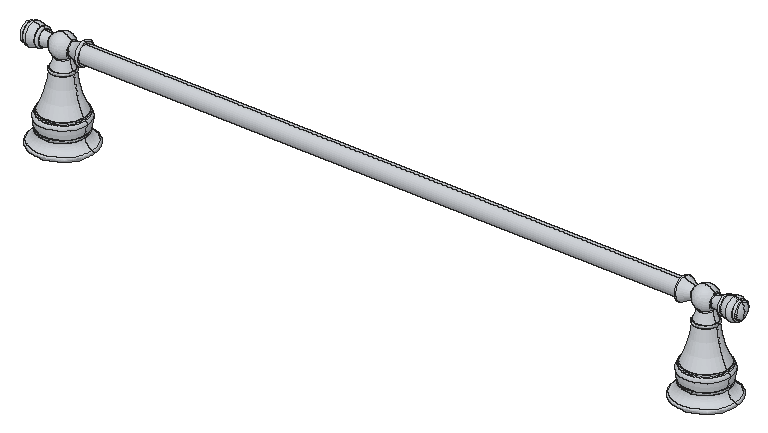
Revit family "Accessory-Towel_Bar-KOHLER-REVIVAL-K-16150T", category Specialty Equipment, host Face, Revit 2017 (continued)
Definition of nested family "K-16150T"
  Automatic sketch dimensions
    curve 31 to plane 11 = 0.04395"
    curve 36 to plane 11 = 0.24215"
    curve 59 to plane 12 = 0.10818"
    curve 59 to plane 11 = 0.283"
    curve 36 to curve 37 = 0.06144"
    curve 34 to plane 11 = 0.30394"
    curve 34 to curve 33 = 0.00278"
    curve 37 to curve 38 = 0.00572"
    curve 34 to curve 35 = 0.00907"
    curve 33 to curve 32 = 0.01466"
    curve 38 to curve 39 = 0.01444"
    curve 39 to curve 40 = 0.02306"
    curve 60 to plane 12 = 0.01011"
    curve 59 to curve 60 = 0.07713"
    plane 5 to curve 42 = 0.42555"
    curve 42 to curve 43 = 0.01154"
    curve 42 to curve 41 = 0.01398"
    curve 43 to curve 44 = 0.02497"
    plane 5 to curve 58 = 0.38685"
    curve 58 to curve 48 = 0.0509"
    curve 48 to curve 46 = 0.06258"
    curve 46 to curve 45 = 0.01873"
    curve 45 to plane 5 = 0.25464"
    curve 45 to curve 46 = 0.01873"
    curve 46 to curve 47 = 0.06258"
    curve 45 to curve 44 = 0.1344"
    curve 47 to curve 57 = 0.05429"
    curve 44 to curve 41 = 0.02253"
    curve 44 to curve 43 = 0.02497"
    curve 41 to curve 42 = 0.01398"
    curve 57 to curve 56 = 0.29206"
    curve 56 to curve 55 = 0.01704"
    curve 55 to curve 54 = 0.08654"
    plane 10 to curve 40 = 0.34681"
    curve 54 to curve 53 = 0.02863"
    curve 40 to curve 39 = 0.02306"
    plane 10 to curve 32 = 0.32138"
    curve 32 to curve 35 = 0.00838"
    curve 39 to curve 38 = 0.01444"
    curve 32 to curve 33 = 0.01466"
    curve 35 to curve 34 = 0.00907"
    curve 38 to curve 37 = 0.00572"
    curve 37 to curve 36 = 0.06144"
    curve 52 to plane 12 = 0.02094"
    plane 10 to curve 52 = 0.07338"
    plane 10 to curve 31 = 0.04395"
    curve 51 to plane 10 = 0.07903"
    curve 51 to curve 50 = 0.03064"
    plane 7 to curve 49 = 0.07853"
    level to curve 31 = 0.11535"
    curve 1 to curve 2 = 0.34348"
    curve 31 to curve 32 = 0.34348"
    curve 2 to curve 3 = 0.02569"
    curve 32 to curve 33 = 0.02569"
    curve 33 to curve 34 = 0.04943"
    curve 3 to curve 4 = 0.04943"
    curve 4 to curve 5 = 0.02781"
    curve 34 to curve 35 = 0.02781"
    curve 5 to curve 6 = 0.33742"
    curve 35 to curve 36 = 0.33742"
    curve 6 to curve 7 = 0.15053"
    curve 36 to curve 37 = 0.15053"
    curve 37 to curve 38 = 0.02904"
    curve 7 to curve 8 = 0.02904"
    curve 8 to curve 9 = 0.03879"
    curve 38 to curve 39 = 0.03879"
    curve 39 to curve 40 = 0.02068"
    curve 9 to curve 10 = 0.02068"
    curve 11 to plane 13 = 0.8304"
    curve 41 to plane 13 = 0.8304"
    curve 41 to curve 42 = 0.02667"
    curve 11 to curve 12 = 0.02667"
    curve 12 to curve 13 = 0.05422"
    curve 42 to curve 43 = 0.05422"
    curve 13 to curve 14 = 0.01758"
    curve 43 to curve 44 = 0.01758"
    curve 60 to plane 13 = 0.41115"
    curve 30 to plane 13 = 0.41115"
    curve 52 to plane 13 = 0.40032"
    curve 22 to plane 13 = 0.40032"
    curve 44 to curve 45 = 0.35093"
    curve 14 to curve 15 = 0.35093"
    curve 22 to curve 21 = 0.07493"
    curve 52 to curve 51 = 0.07493"
    curve 52 to curve 54 = 0.07519"
    curve 22 to curve 24 = 0.07519"
    curve 21 to curve 20 = 0.00262"
    curve 51 to curve 50 = 0.00262"
    curve 45 to curve 46 = 0.06051"
    curve 15 to curve 16 = 0.06051"
    curve 54 to curve 53 = 0.00484"
    curve 24 to curve 23 = 0.00484"
    curve 60 to curve 59 = 0.09807"
    curve 30 to curve 29 = 0.09807"
    curve 54 to curve 55 = 0.0344"
    curve 24 to curve 25 = 0.0344"
    curve 20 to curve 19 = 0.0502"
    curve 50 to curve 49 = 0.0502"
    curve 55 to curve 56 = 0.02365"
    curve 25 to curve 26 = 0.02365"
    curve 16 to curve 18 = 0.09907"
    curve 16 to curve 17 = 0.09907"
    curve 46 to curve 58 = 0.09907"
    curve 46 to curve 47 = 0.09907"
    curve 28 to curve 18 = 0"
    curve 27 to curve 17 = 0"  (x2)
    curve 57 to curve 47 = 0"
    curve 48 to curve 58 = 0"
    curve 28 to plane 12 = 0.19985"
    curve 48 to plane 12 = 0.19985"
    curve 18 to curve 28 = 0"
    curve 57 to plane 12 = 0.19985"
    curve 17 to plane 12 = 0.19985"
    curve 47 to curve 57 = 0"
    curve 58 to curve 48 = 0"
    curve 26 to curve 23 = 0.05322"
    curve 56 to plane 12 = 0.15418"
    curve 49 to plane 12 = 0.14867"
    curve 19 to plane 12 = 0.14867"
    curve 56 to curve 55 = 0.02365"
    curve 26 to curve 25 = 0.02365"
    curve 29 to plane 12 = 0.10818"
    curve 53 to plane 12 = 0.10096"
    curve 20 to plane 12 = 0.09848"
    curve 50 to plane 12 = 0.09848"
    curve 53 to curve 54 = 0.00484"
    curve 23 to curve 24 = 0.00484"
    curve 50 to curve 51 = 0.00262"
    curve 20 to curve 21 = 0.00262"
    curve 22 to plane 12 = 0.02094"
    Revolve 1 sketch curve to plane 4 = 0"  (x2)
    Revolve 1 sketch curve to plane 4 = 0.4004"
    plane 4 to Revolve 1 sketch curve = 0.31178"
    plane 4 to Revolve 1 sketch curve = 0.4104"
    Revolve 1 sketch curve to Revolve 1 sketch curve = 0.00759"
    Revolve 1 sketch curve to Revolve 1 sketch curve = 0.03015"
    Revolve 1 sketch curve to plane 9 = 0.42408"
    Revolve 1 sketch curve to Revolve 1 sketch curve = 0.08933"
    Revolve 1 sketch curve to plane 9 = 41/128"
    Revolve 1 sketch curve to Revolve 1 sketch curve = 0.02935"
    Revolve 1 sketch curve to Revolve 1 sketch curve = 0.02658"
    Revolve 1 sketch curve to Revolve 1 sketch curve = 0.02994"
    Revolve 1 sketch curve to Revolve 1 sketch curve = 0.04721"
    level to Revolve 1 sketch curve = 0"
    Revolve 1 sketch curve to plane 9 = 0.06026"
    Revolve 1 sketch curve to Revolve 1 sketch curve = 0.00139"
    plane 9 to Revolve 1 sketch curve = 0.05081"
    plane 13 to Revolve 1 sketch curve = 0.10418"
    plane 9 to Revolve 1 sketch curve = 0.90511"
    Revolve 1 sketch curve to plane 13 = 0.63688"
    Revolve 1 sketch curve to Revolve 1 sketch curve = 1.4597"
    Revolve 1 sketch curve to Revolve 1 sketch curve = 15/256"
    level to Revolve 1 sketch curve = 0.46006"
    Revolve 1 sketch curve to Revolve 1 sketch curve = 0.01559"
    Revolve 1 sketch curve to Revolve 1 sketch curve = 0.05"
    Revolve 1 sketch curve to Revolve 1 sketch curve = 0.04368"
    Revolve 1 sketch curve to Revolve 1 sketch curve = 0.35897"
    level to Revolve 1 sketch curve = 0.99598"
    Revolve 1 sketch curve to Revolve 1 sketch curve = 0.15522"
    Revolve 1 sketch curve to Revolve 1 sketch curve = 0.0234"
    Revolve 1 sketch curve to Revolve 1 sketch curve = 0.06984"
    Revolve 1 sketch curve to plane 13 = 0.8286"
    Revolve 1 sketch curve to Revolve 1 sketch curve = 0.04997"
    Revolve 1 sketch curve to Revolve 1 sketch curve = 0.06129"
    Revolve 1 sketch curve to plane 13 = 0.36554"
    plane 13 to Revolve 1 sketch curve = 0"
    plane 12 to Revolve 1 sketch curve = 0"
    Revolve 1 sketch curve to Revolve 1 sketch curve = 0.05714"
    Revolve 1 sketch curve to Revolve 1 sketch curve = 0"  (x12)
    Revolve 1 sketch curve to Revolve 1 sketch curve = 0.02897"
    Revolve 1 sketch curve to Revolve 1 sketch curve = 0.02765"
    Revolve 1 sketch curve to Revolve 1 sketch curve = 0.02265"
    Revolve 1 sketch curve to Revolve 1 sketch curve = 3/256"
    plane 5 to Revolve 2 sketch curve = 0"  (x2)
    plane 5 to Revolve 2 sketch curve = 0.4004"
    Revolve 2 sketch curve to plane 5 = 0.31178"
    Revolve 2 sketch curve to plane 5 = 0.4104"
    Revolve 2 sketch curve to Revolve 2 sketch curve = 0.00759"
    Revolve 2 sketch curve to Revolve 2 sketch curve = 0.03015"
    plane 11 to Revolve 2 sketch curve = 0.42408"
    Revolve 2 sketch curve to Revolve 2 sketch curve = 0.08933"
    plane 11 to Revolve 2 sketch curve = 41/128"
    Revolve 2 sketch curve to Revolve 2 sketch curve = 0.02935"
    Revolve 2 sketch curve to Revolve 2 sketch curve = 0.02658"
    Revolve 2 sketch curve to Revolve 2 sketch curve = 0.02994"
    Revolve 2 sketch curve to Revolve 2 sketch curve = 0.04721"
    Revolve 2 sketch curve to level = 0"
    plane 11 to Revolve 2 sketch curve = 0.06026"
    Revolve 2 sketch curve to Revolve 2 sketch curve = 0.00139"
    Revolve 2 sketch curve to plane 11 = 0.05081"
    Revolve 2 sketch curve to plane 13 = 0.10418"
    Revolve 2 sketch curve to plane 11 = 0.90511"
    plane 13 to Revolve 2 sketch curve = 0.63688"
    Revolve 2 sketch curve to Revolve 2 sketch curve = 1.4597"
    Revolve 2 sketch curve to Revolve 2 sketch curve = 15/256"
    Revolve 2 sketch curve to level = 0.46006"
    Revolve 2 sketch curve to Revolve 2 sketch curve = 0.01559"
    Revolve 2 sketch curve to Revolve 2 sketch curve = 0.05"
    Revolve 2 sketch curve to Revolve 2 sketch curve = 0.04368"
    Revolve 2 sketch curve to Revolve 2 sketch curve = 0.35897"
    Revolve 2 sketch curve to level = 0.99598"
    Revolve 2 sketch curve to Revolve 2 sketch curve = 0.15522"
    Revolve 2 sketch curve to Revolve 2 sketch curve = 0.0234"
    Revolve 2 sketch curve to Revolve 2 sketch curve = 0.06984"
    plane 13 to Revolve 2 sketch curve = 0.8286"
    Revolve 2 sketch curve to Revolve 2 sketch curve = 0.04997"
    Revolve 2 sketch curve to Revolve 2 sketch curve = 0.06129"
    plane 13 to Revolve 2 sketch curve = 0.36554"
    Revolve 2 sketch curve to plane 13 = 0"
    Revolve 2 sketch curve to plane 12 = 0"
    Revolve 2 sketch curve to Revolve 2 sketch curve = 0.05714"
    Revolve 2 sketch curve to Revolve 2 sketch curve = 0"  (x12)
    Revolve 2 sketch curve to Revolve 2 sketch curve = 0.02897"
    Revolve 2 sketch curve to Revolve 2 sketch curve = 0.02765"
    Revolve 2 sketch curve to Revolve 2 sketch curve = 0.02265"
    Revolve 2 sketch curve to Revolve 2 sketch curve = 3/256"
    Revolve 3 sketch curve to plane 13 = 0"  (x2)
    Revolve 3 sketch curve to plane 4 = 0"
    Revolve 3 sketch curve to plane 4 = 0.18746"
    Revolve 3 sketch curve to Revolve 3 sketch curve = 0.1215"
    Revolve 3 sketch curve to Revolve 3 sketch curve = 0.03103"  (x2)
    Revolve 3 sketch curve to plane 12 = 0.07298"
    Revolve 3 sketch curve to Revolve 3 sketch curve = 0.21907"  (x2)
    plane 4 to Revolve 3 sketch curve = 0.19"
    Revolve 3 sketch curve to Revolve 3 sketch curve = 0.11897"
    Revolve 3 sketch curve to plane 12 = 0.04261"
    plane 13 to Revolve 3 sketch curve = 0.18541"
    Revolve 3 sketch curve to Revolve 3 sketch curve = 0.05406"
    Revolve 3 sketch curve to Revolve 3 sketch curve = 0.10881"
    Revolve 3 sketch curve to Revolve 3 sketch curve = 0.02391"  (x2)
    Revolve 3 sketch curve to plane 4 = 0.12494"
    Revolve 3 sketch curve to Revolve 3 sketch curve = 0.13347"
    Revolve 4 sketch curve to plane 13 = 0"  (x2)
    plane 5 to Revolve 4 sketch curve = 0"
    plane 5 to Revolve 4 sketch curve = 0.18746"
    Revolve 4 sketch curve to Revolve 4 sketch curve = 0.1215"
    Revolve 4 sketch curve to Revolve 4 sketch curve = 0.03103"  (x2)
    plane 12 to Revolve 4 sketch curve = 0.07298"
    Revolve 4 sketch curve to Revolve 4 sketch curve = 0.21907"  (x2)
    Revolve 4 sketch curve to plane 5 = 0.19"
    Revolve 4 sketch curve to Revolve 4 sketch curve = 0.11897"
    plane 12 to Revolve 4 sketch curve = 0.04261"
    Revolve 4 sketch curve to plane 13 = 0.18541"
    Revolve 4 sketch curve to Revolve 4 sketch curve = 0.05406"
    Revolve 4 sketch curve to Revolve 4 sketch curve = 0.10881"
    Revolve 4 sketch curve to Revolve 4 sketch curve = 0.02391"  (x2)
    plane 5 to Revolve 4 sketch curve = 0.12494"
    Revolve 4 sketch curve to Revolve 4 sketch curve = 0.13347"
    Masking region 1 sketch curve to Masking region 1 sketch curve = 0"  (x104)
    Masking region 1 sketch curve to plane 6 = 0"
    Masking region 1 sketch curve to plane 4 = 0"  (x2)
    plane 5 to Masking region 1 sketch curve = 0"  (x2)
    plane 7 to Masking region 1 sketch curve = 0"
    Masking region 1 sketch curve to plane 13 = 0"  (x2)
    plane 12 to Masking region 1 sketch curve = 0.12997"  (x2)
    Masking region 1 sketch curve to plane 6 = 0.35542"  (x2)
    plane 13 to Masking region 1 sketch curve = 0.1042"  (x4)
    Masking region 1 sketch curve to Masking region 1 sketch curve = 0.25442"  (x2)
    Masking region 1 sketch curve to plane 13 = 0.63686"  (x4)
    Masking region 1 sketch curve to Masking region 1 sketch curve = 1.4597"  (x3)
    plane 6 to Masking region 1 sketch curve = 0.14707"  (x2)
    Masking region 1 sketch curve to Masking region 1 sketch curve = 0.05292"  (x4)
    Masking region 1 sketch curve to plane 8 = 0.05081"
    Masking region 1 sketch curve to plane 8 = 0.013"  (x2)
    plane 8 to Masking region 1 sketch curve = 0.05475"  (x2)
    plane 8 to Masking region 1 sketch curve = 0.05886"
    level to Masking region 1 sketch curve = 0.00003"  (x2)
    Masking region 1 sketch curve to Masking region 1 sketch curve = 0.00139"  (x4)
    Masking region 1 sketch curve to plane 13 = 0.00487"  (x2)
    plane 8 to Masking region 1 sketch curve = 0.20017"
    plane 8 to Masking region 1 sketch curve = 0.28754"
    plane 8 to Masking region 1 sketch curve = 0.29036"
    Masking region 1 sketch curve to Masking region 1 sketch curve = 0.00337"  (x2)
    Masking region 1 sketch curve to Masking region 1 sketch curve = 0.01786"  (x2)
    Masking region 1 sketch curve to Masking region 1 sketch curve = 0.02994"  (x4)
    Masking region 1 sketch curve to Masking region 1 sketch curve = 0.04721"  (x4)
    Masking region 1 sketch curve to plane 12 = 0.08003"
    Masking region 1 sketch curve to Masking region 1 sketch curve = 0.28366"  (x2)
    Masking region 1 sketch curve to Masking region 1 sketch curve = 0.05411"  (x4)
    Masking region 1 sketch curve to Masking region 1 sketch curve = 0.08933"  (x4)
    Masking region 1 sketch curve to Masking region 1 sketch curve = 0.07441"  (x4)
    Masking region 1 sketch curve to plane 4 = 0.44055"
    Masking region 1 sketch curve to Masking region 1 sketch curve = 0.02255"  (x2)
    Masking region 1 sketch curve to Masking region 1 sketch curve = 0.03015"  (x4)
    Masking region 1 sketch curve to Masking region 1 sketch curve = 0.31726"  (x4)
    Masking region 1 sketch curve to Masking region 1 sketch curve = 0.28457"  (x3)
    Masking region 1 sketch curve to Masking region 1 sketch curve = 0.05032"
    Masking region 1 sketch curve to Masking region 1 sketch curve = 0.05429"  (x3)
    Masking region 1 sketch curve to Masking region 1 sketch curve = 0.02416"  (x4)
    plane 4 to Masking region 1 sketch curve = 0.11879"  (x2)
    plane 4 to Masking region 1 sketch curve = 0.31178"
    Masking region 1 sketch curve to plane 12 = 0.16706"
    plane 4 to Masking region 1 sketch curve = 43/128"
    Masking region 1 sketch curve to Masking region 1 sketch curve = 0.0509"  (x4)
    plane 4 to Masking region 1 sketch curve = 0.4004"
    plane 4 to Masking region 1 sketch curve = 0.4104"
    Masking region 1 sketch curve to Masking region 1 sketch curve = 0.00759"  (x2)
    Masking region 1 sketch curve to plane 12 = 0.04871"  (x2)
    Masking region 1 sketch curve to plane 9 = 0.33085"  (x2)
    Masking region 1 sketch curve to plane 9 = 41/128"
    Masking region 1 sketch curve to Masking region 1 sketch curve = 0.02935"  (x2)
    Masking region 1 sketch curve to Masking region 1 sketch curve = 0.02658"  (x2)
    Masking region 1 sketch curve to Masking region 1 sketch curve = 0.04785"  (x4)
    Masking region 1 sketch curve to plane 9 = 0.06026"
    plane 9 to Masking region 1 sketch curve = 0.05081"
    plane 9 to Masking region 1 sketch curve = 0.90511"
    plane 11 to Masking region 1 sketch curve = 2.36482"
    plane 11 to Masking region 1 sketch curve = 0.90511"
    plane 11 to Masking region 1 sketch curve = 0.05081"
    Masking region 1 sketch curve to plane 11 = 0.05886"
    Masking region 1 sketch curve to plane 11 = 0.283"  (x2)
    Masking region 1 sketch curve to plane 12 = 0.10818"
    Masking region 1 sketch curve to plane 11 = 0.28754"
    Masking region 1 sketch curve to plane 11 = 0.29036"
    plane 5 to Masking region 1 sketch curve = 0.44055"
    plane 5 to Masking region 1 sketch curve = 0.38685"  (x2)
    plane 5 to Masking region 1 sketch curve = 0.11879"  (x2)
    Masking region 1 sketch curve to plane 5 = 0.31178"
    Masking region 1 sketch curve to plane 12 = 0.19985"  (x2)
    Masking region 1 sketch curve to plane 5 = 43/128"
    Masking region 1 sketch curve to plane 5 = 0.39023"
    Masking region 1 sketch curve to plane 5 = 0.4004"
    Masking region 1 sketch curve to Masking region 1 sketch curve = 0.02017"
    Masking region 1 sketch curve to plane 12 = 0.13082"  (x2)
    plane 10 to Masking region 1 sketch curve = 41/128"
    plane 10 to Masking region 1 sketch curve = 0.20017"
    plane 13 to Masking region 1 sketch curve = 0.00487"  (x2)
    plane 10 to Masking region 1 sketch curve = 0.06026"
    plane 10 to Masking region 1 sketch curve = 0.05475"  (x2)
    Masking region 1 sketch curve to plane 10 = 0.013"  (x2)
    Masking region 1 sketch curve to plane 10 = 0.05081"
    Masking region 1 sketch curve to Masking region 1 sketch curve = 0.08228"  (x2)
    Masking region 1 sketch curve to plane 7 = 0.35542"  (x2)
    Masking region 1 sketch curve to Masking region 1 sketch curve = 15/256"  (x4)
    level to Masking region 1 sketch curve = 0.46008"  (x4)
    Masking region 1 sketch curve to Masking region 1 sketch curve = 0.01559"  (x4)
    Masking region 1 sketch curve to Masking region 1 sketch curve = 0.05"  (x4)
    Masking region 1 sketch curve to Masking region 1 sketch curve = 0.04368"  (x4)
    Masking region 1 sketch curve to Masking region 1 sketch curve = 0.35897"  (x4)
    Masking region 1 sketch curve to Masking region 1 sketch curve = 0.08327"  (x4)
    Masking region 1 sketch curve to Masking region 1 sketch curve = 0.15522"  (x4)
    Masking region 1 sketch curve to Masking region 1 sketch curve = 0.0234"  (x4)
    Masking region 1 sketch curve to Masking region 1 sketch curve = 0.06984"  (x4)
    Masking region 1 sketch curve to Masking region 1 sketch curve = 0.9989"  (x2)
    Masking region 1 sketch curve to Masking region 1 sketch curve = 0.10641"  (x4)
    Masking region 1 sketch curve to Masking region 1 sketch curve = 0.45605"  (x2)
    Masking region 1 sketch curve to Masking region 1 sketch curve = 0.34964"  (x2)
    Masking region 1 sketch curve to Masking region 1 sketch curve = 0.04997"  (x4)
    Masking region 1 sketch curve to Masking region 1 sketch curve = 0.06129"  (x4)
    Masking region 1 sketch curve to plane 13 = 0.55123"  (x2)
    Masking region 1 sketch curve to plane 13 = 0.38012"  (x2)
    Masking region 1 sketch curve to Masking region 1 sketch curve = 0.00756"  (x2)
    Masking region 1 sketch curve to plane 13 = 0.36553"  (x4)
    Masking region 1 sketch curve to plane 13 = 0.34123"  (x2)
    Masking region 1 sketch curve to Masking region 1 sketch curve = 1/16"  (x2)
    Masking region 1 sketch curve to Masking region 1 sketch curve = 0.0188"  (x2)
    Masking region 1 sketch curve to Masking region 1 sketch curve = 0.06704"
    Masking region 1 sketch curve to Masking region 1 sketch curve = 0.0499"  (x4)
    Masking region 1 sketch curve to Masking region 1 sketch curve = 0.00088"  (x3)
    Masking region 1 sketch curve to Masking region 1 sketch curve = 0.04524"  (x4)
    Masking region 1 sketch curve to Masking region 1 sketch curve = 0.11139"  (x4)
    Masking region 1 sketch curve to Masking region 1 sketch curve = 0.07053"  (x4)
    Masking region 1 sketch curve to Masking region 1 sketch curve = 0.03272"  (x4)
    plane 13 to Masking region 1 sketch curve = 0.00003"  (x2)
    Masking region 1 sketch curve to Masking region 1 sketch curve = 0.03278"  (x3)
    Masking region 1 sketch curve to plane 12 = 0.17551"  (x2)
    Masking region 1 sketch curve to Masking region 1 sketch curve = 0.01725"  (x2)
    Masking region 1 sketch curve to plane 12 = 0.04114"  (x2)
    plane 12 to Masking region 1 sketch curve = 0.75696"  (x2)
    Masking region 1 sketch curve to Masking region 1 sketch curve = 0.04539"  (x2)
    Masking region 1 sketch curve to Masking region 1 sketch curve = 0.01358"  (x2)
    Masking region 1 sketch curve to Masking region 1 sketch curve = 0.015"  (x2)
    Masking region 1 sketch curve to Masking region 1 sketch curve = 0.05714"  (x2)
    Masking region 1 sketch curve to Masking region 1 sketch curve = 0.02897"  (x2)
    Masking region 1 sketch curve to Masking region 1 sketch curve = 0.02765"  (x2)
    Masking region 1 sketch curve to Masking region 1 sketch curve = 0.02265"  (x2)
    Masking region 2 sketch curve to Masking region 2 sketch curve = 0"  (x25)
    Masking region 2 sketch curve to plane 1 "Center (Front/Back)" = 0"  (x2)
    plane 1 "Center (Front/Back)" to Masking region 2 sketch curve = 0.31178"
    plane 1 "Center (Front/Back)" to Masking region 2 sketch curve = 0.4004"
    plane 1 "Center (Front/Back)" to Masking region 2 sketch curve = 0.4104"
    Masking region 2 sketch curve to Masking region 2 sketch curve = 0.00759"  (x2)
    Masking region 2 sketch curve to Masking region 2 sketch curve = 0.03015"  (x2)
    Masking region 2 sketch curve to Masking region 2 sketch curve = 0.31726"  (x2)
    Masking region 2 sketch curve to Masking region 2 sketch curve = 0.08933"  (x2)
    plane 15 to Masking region 2 sketch curve = 41/128"
    Masking region 2 sketch curve to Masking region 2 sketch curve = 0.02935"  (x2)
    Masking region 2 sketch curve to Masking region 2 sketch curve = 0.02658"  (x2)
    Masking region 2 sketch curve to Masking region 2 sketch curve = 0.02994"  (x2)
    Masking region 2 sketch curve to Masking region 2 sketch curve = 0.04721"  (x2)
    level to Masking region 2 sketch curve = 0.00003"
    plane 15 to Masking region 2 sketch curve = 0.06026"
    Masking region 2 sketch curve to Masking region 2 sketch curve = 0.00139"  (x2)
    Masking region 2 sketch curve to plane 15 = 0.05081"
    plane 13 to Masking region 2 sketch curve = 0.1042"  (x2)
    Masking region 2 sketch curve to plane 15 = 0.90511"
    Masking region 2 sketch curve to plane 13 = 0.63686"  (x2)
    Masking region 2 sketch curve to Masking region 2 sketch curve = 1.4597"  (x2)
    Masking region 2 sketch curve to plane 1 "Center (Front/Back)" = 0.31178"
    Masking region 2 sketch curve to plane 1 "Center (Front/Back)" = 0.4004"
    Masking region 2 sketch curve to plane 1 "Center (Front/Back)" = 0.4104"
    plane 14 to Masking region 2 sketch curve = 41/128"
    plane 14 to Masking region 2 sketch curve = 0.06026"
    Masking region 2 sketch curve to plane 14 = 0.05081"
    Masking region 2 sketch curve to plane 14 = 0.90511"
    Masking region 2 sketch curve to Masking region 2 sketch curve = 15/256"  (x2)
    level to Masking region 2 sketch curve = 0.46008"  (x2)
    Masking region 2 sketch curve to Masking region 2 sketch curve = 0.01559"  (x2)
    Masking region 2 sketch curve to Masking region 2 sketch curve = 0.05"  (x2)
    Masking region 2 sketch curve to Masking region 2 sketch curve = 0.04368"  (x2)
    Masking region 2 sketch curve to Masking region 2 sketch curve = 0.35897"  (x2)
    Masking region 2 sketch curve to Masking region 2 sketch curve = 0.08327"  (x2)
    Masking region 2 sketch curve to Masking region 2 sketch curve = 0.15522"  (x2)
    Masking region 2 sketch curve to Masking region 2 sketch curve = 0.0234"  (x2)
    Masking region 2 sketch curve to Masking region 2 sketch curve = 0.06984"  (x2)
    Masking region 2 sketch curve to plane 13 = 0.82858"  (x2)
    Masking region 2 sketch curve to Masking region 2 sketch curve = 0.04997"  (x2)
    Masking region 2 sketch curve to Masking region 2 sketch curve = 0.06129"  (x2)
    Masking region 2 sketch curve to plane 13 = 0.36553"  (x2)
    plane 13 to Masking region 2 sketch curve = 0.00003"
    Masking region 2 sketch curve to Masking region 2 sketch curve = 0.05714"  (x2)
    Masking region 2 sketch curve to Masking region 2 sketch curve = 0.02897"  (x2)
    Masking region 2 sketch curve to Masking region 2 sketch curve = 0.02765"  (x2)
    Masking region 2 sketch curve to Masking region 2 sketch curve = 0.02265"  (x2)
    Masking region 3 sketch curve to Masking region 3 sketch curve = 0"  (x20)
    plane 1 "Center (Front/Back)" to Masking region 3 sketch curve = 0"  (x4)
    Masking region 3 sketch curve to plane 4 = 0"
    Masking region 3 sketch curve to plane 5 = 0"
    plane 1 "Center (Front/Back)" to Masking region 3 sketch curve = 0.00487"  (x2)
    plane 8 to Masking region 3 sketch curve = 0.2002"
    plane 8 to Masking region 3 sketch curve = 0.05477"  (x2)
    Masking region 3 sketch curve to plane 8 = 0.09526"  (x2)
    Masking region 3 sketch curve to Masking region 3 sketch curve = 0.05292"  (x4)
    Masking region 3 sketch curve to plane 6 = 0.35539"  (x2)
    Masking region 3 sketch curve to plane 9 = 0.04376"  (x2)
    Masking region 3 sketch curve to plane 11 = 0.04376"  (x2)
    plane 10 to Masking region 3 sketch curve = 0.20015"
    plane 10 to Masking region 3 sketch curve = 0.05472"  (x2)
    Masking region 3 sketch curve to plane 10 = 0.09531"  (x2)
    Masking region 3 sketch curve to plane 7 = 0.35544"  (x2)
    plane 1 "Center (Front/Back)" to Masking region 3 sketch curve = 0.24575"  (x2)
    Masking region 3 sketch curve to Masking region 3 sketch curve = 0.04408"  (x4)
    plane 1 "Center (Front/Back)" to Masking region 3 sketch curve = 0.31308"
    Masking region 3 sketch curve to Masking region 3 sketch curve = 0.04524"  (x4)
    plane 1 "Center (Front/Back)" to Masking region 3 sketch curve = 0.55123"  (x2)
    Masking region 3 sketch curve to plane 1 "Center (Front/Back)" = 0.00487"  (x2)
    Masking region 3 sketch curve to plane 1 "Center (Front/Back)" = 0.24575"  (x2)
    Masking region 3 sketch curve to plane 1 "Center (Front/Back)" = 0.31308"
    Masking region 3 sketch curve to plane 1 "Center (Front/Back)" = 0.55123"  (x2)
    plane 8 to Masking region 3 sketch curve = 0.07252"  (x2)
    plane 10 to Masking region 3 sketch curve = 0.07252"  (x2)
    Revolve 6 sketch curve to plane 12 = 0.0005"
    Revolve 6 sketch curve to plane 4 = 0"  (x2)
    Revolve 6 sketch curve to Revolve 6 sketch curve = 43/128"
    plane 8 to Revolve 6 sketch curve = 0.35376"
    Revolve 6 sketch curve to Revolve 6 sketch curve = 0.11241"
    Revolve 6 sketch curve to plane 8 = 0.00005"
    Revolve 6 sketch curve to plane 13 = 0.25417"
    level to Revolve 6 sketch curve = 1.15169"
    level to Revolve 6 sketch curve = 0.13053"
    level to Revolve 6 sketch curve = 0.00003"
    Revolve 6 sketch curve to Revolve 6 sketch curve = 0.01348"
    Revolve 6 sketch curve to Revolve 6 sketch curve = 0"
    Revolve 7 sketch curve to plane 6 = 0"
    Revolve 7 sketch curve to plane 3 "Center (Left/Right)" = 0"
    Revolve 7 sketch curve to plane 13 = 0"  (x2)
    plane 7 to Revolve 7 sketch curve = 0"
    plane 3 "Center (Left/Right)" to Revolve 7 sketch curve = 5.0271"
    Revolve 7 sketch curve to Revolve 7 sketch curve = 1.77165"
    Revolve 8 sketch curve to plane 12 = 0"
    plane 5 to Revolve 8 sketch curve = 0"  (x2)
    plane 5 to Revolve 8 sketch curve = 43/128"
    Revolve 8 sketch curve to plane 10 = 0.35376"
    Revolve 8 sketch curve to Revolve 8 sketch curve = 0.11241"
    plane 10 to Revolve 8 sketch curve = 0.00005"
    plane 13 to Revolve 8 sketch curve = 0.25417"
    Revolve 8 sketch curve to level = 1.15169"
    Revolve 8 sketch curve to level = 0.13053"
    Revolve 8 sketch curve to level = 0.00003"
    Revolve 8 sketch curve to Revolve 8 sketch curve = 0.01348"
    Revolve 8 sketch curve to Revolve 8 sketch curve = 0"
    Revolve 7 sketch curve to plane 12 = 0.1092"
    Revolve 5 sketch curve to Revolve 5 sketch curve = 0"  (x22)
    Revolve 5 sketch curve to plane 6 = 0"
    Revolve 5 sketch curve to plane 13 = 0"  (x2)
    plane 7 to Revolve 5 sketch curve = 0"
    plane 12 to Revolve 5 sketch curve = 0.12997"  (x2)
    Revolve 5 sketch curve to plane 6 = 0.35542"
    plane 6 to Revolve 5 sketch curve = 0.14707"
    Revolve 5 sketch curve to Revolve 5 sketch curve = 0.05292"  (x2)
    Revolve 5 sketch curve to plane 8 = 0.013"
    plane 8 to Revolve 5 sketch curve = 0.05475"
    plane 13 to Revolve 5 sketch curve = 0.00487"  (x2)
    plane 8 to Revolve 5 sketch curve = 0.20017"
    Revolve 5 sketch curve to plane 12 = 0.08003"
    Revolve 5 sketch curve to Revolve 5 sketch curve = 0.28366"
    Revolve 5 sketch curve to Revolve 5 sketch curve = 0.05411"  (x2)
    Revolve 5 sketch curve to Revolve 5 sketch curve = 0.07636"
    Revolve 5 sketch curve to plane 4 = 0.39023"
    Revolve 5 sketch curve to Revolve 5 sketch curve = 0.17318"
    plane 4 to Revolve 5 sketch curve = 0.11879"
    plane 4 to Revolve 5 sketch curve = 0.19"
    plane 12 to Revolve 5 sketch curve = 0.19054"  (x2)
    plane 4 to Revolve 5 sketch curve = 0.28843"
    Revolve 5 sketch curve to plane 12 = 0.10818"
    Revolve 5 sketch curve to plane 9 = 0.37166"
    Revolve 5 sketch curve to Revolve 5 sketch curve = 0.04081"
    Revolve 5 sketch curve to plane 12 = 0.09715"  (x2)
    Revolve 5 sketch curve to Revolve 5 sketch curve = 0.04117"  (x2)
    Revolve 5 sketch curve to plane 11 = 0.33049"
    Revolve 5 sketch curve to Revolve 5 sketch curve = 0.00037"
    plane 5 to Revolve 5 sketch curve = 0.28843"
    plane 5 to Revolve 5 sketch curve = 0.19"
    plane 5 to Revolve 5 sketch curve = 0.11879"
    Revolve 5 sketch curve to plane 5 = 0.21705"
    Revolve 5 sketch curve to plane 5 = 0.39023"
    Revolve 5 sketch curve to plane 12 = 0.12884"
    Revolve 5 sketch curve to Revolve 5 sketch curve = 0.28186"
    Revolve 5 sketch curve to Revolve 5 sketch curve = 0.07711"
    plane 10 to Revolve 5 sketch curve = 0.20017"
    plane 10 to Revolve 5 sketch curve = 0.05475"
    Revolve 5 sketch curve to plane 10 = 0.013"
    Revolve 5 sketch curve to plane 10 = 0.09528"
    Revolve 5 sketch curve to plane 7 = 0.35542"
    Revolve 5 sketch curve to plane 13 = 0.31628"  (x2)
    plane 13 to Revolve 5 sketch curve = 0.18324"  (x2)
    Revolve 5 sketch curve to Revolve 5 sketch curve = 0.03817"  (x4)
    Revolve 5 sketch curve to plane 12 = 0.17551"  (x2)
    Revolve 5 sketch curve to Revolve 5 sketch curve = 0.01725"  (x2)
    Revolve 5 sketch curve to Revolve 5 sketch curve = 0.0011"
    Revolve 5 sketch curve to Revolve 5 sketch curve = 0.0499"  (x2)
    Revolve 5 sketch curve to Revolve 5 sketch curve = 0.00054"
    Revolve 5 sketch curve to Revolve 5 sketch curve = 0.04524"  (x2)
    Revolve 5 sketch curve to Revolve 5 sketch curve = 0.04844"  (x2)
    plane 12 to Revolve 5 sketch curve = 0.75696"  (x2)
    Revolve 5 sketch curve to Revolve 5 sketch curve = 0.10641"  (x2)
    Revolve 5 sketch curve to plane 12 = 0.04114"  (x2)
    Revolve 5 sketch curve to plane 3 "Center (Left/Right)" = 0.99709"
    plane 3 "Center (Left/Right)" to Revolve 5 sketch curve = 1.56197"
    radius of curve 75 = 0.34225"
    radius of curve 76 = 0.25764"
    radius of curve 77 = 0.23947"
Types (3): name | Type | Product Page URL | Model | Finish
  (no name) | 1 | "https://www.kohler.com.cn/product/K-16150T-CP/K-16150T-CP/" | "K-16150T-CP" | Kohler-Metal-CP-Polished_Chrome
  CP-Polished Chrome | 1 | "https://www.kohler.com.cn/product/K-16150T-CP/K-16150T-CP/" | "K-16150T-CP" | Kohler-Metal-CP-Polished_Chrome
  AF-Flange Gold | 2 | "https://www.kohler.com.cn/product/K-16150T-CP/K-16150T-AF/" | "K-16150T-AF" | Kohler-Metal-AF-Vibrant_French_Gold
